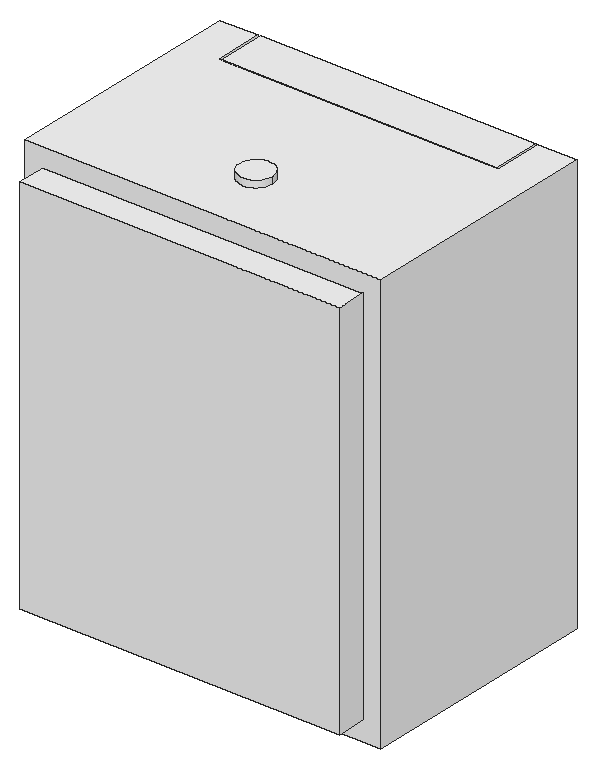
Revit family "Gira_015231", category Electrical Fixtures, host Wall, Revit 2017
Family settings
  Host = Wall
  Maintain Annotation Orientation = No
  Round Connector Dimension = Use Diameter
  Part Type = Normal
  OmniClass Number = 23.80.00.00
  OmniClass Title = Electric Power and Lighting
  Always vertical = Yes
  Cut with Voids When Loaded = No
  Shared = No
  Room Calculation Point = No
Parameters (values of type "Rocker btn NO con. s.sig. in.sp. WD surface-mounted grey")
  With mounting plate = no
  With lighting = no
  Wiring system = ""
  White = White
  Washing machine switch = no
  URL = "https://www.gira.de/"
  Type of lighting = ""
  Type of fastening = ""
  Type Comments = ""
  Transparent = no
  Surface protection = "Sonstige (*de-DE)"
  Suitable for degree of protection (IP) = "IP66"
  Rated current [Ampere] = 10
  Push button switch = no
  Number of rockers = 1
  Number of modules (module system) = 0
  Nominal voltage [Volt] Number = 250
  Model = "Single push button"
  Method of operation = "Rocker"
  Material quality = "Sonstige (*de-DE)"
  Material = "Sonstige (*de-DE)"
  Manufacturer = "Gira"
  Label space/information surface YesNo = no
  Label space/information surface = ""
  Keynote = ""
  Imprint = "ohne (*de-DE)"
  Illumination = ""
  HeinzeBIM = "https://www.heinze.de/bim/rocker-btn-no-con-s-sig-in-sp-wd-surface-mounted-grey/a86cca7390be7d94506371fe1f2a3901298d9343"
  Halogen free = no
  HAN = "015231"
  GTIN = "4010337152316"
  Function lighting = ""
  Feedback-signal contact = yes
  Description = "Rock.btn NO con.s.sig.in.sp. WT SM GY Rocker Button 10 AX 250 V~ with inscription space NO contact, 1-pole with sep. signal contact grey Notes : - Can also be connected with illumination."
  Cost = 0
  Contacts = "1 make contact (NO)"
  Connection type = ""
  Colour = "Grey"
  BIMSITE_PRODUCT_ID = "a86cca7390be7d94506371fe1f2a3901298d9343"
  BIM = "https://media.live.bim.site/t/eyJhbGciOiJIUzI1NiIsInR5cCI6IkpXVCJ9.eyJjdCI6MSwidGYiOiJwdWJsaWMvZ2lyYS8wOWY1ZGI1L0lQNDRfS29tcGxldHRnZXLDpHRfU2NoYWx0ZW4gdW5kIFRhc3Rlbi5yZmEiLCJjaWQiOiJmZWQ5OGU5YS0xYmQ4LTRjNjgtYTczYi03NGE5NGUzMTU4MjMiLCJyaWQiOiJiNzc1OTE0NzlmODk4ZTc1ZmY4NmYxYzJjMjMzYzFkZCIsInBpZCI6ImE4NmNjYTczOTBiZTdkOTQ1MDYzNzFmZTFmMmEzOTAxMjk4ZDkzNDMiLCJzaWQiOiI2MzQ3MCIsInV0Ijo1LCJsYyI6ImVuIiwiaWF0IjoxNjA3NTI0NjkxLCJpc3MiOiJodHRwczovL2FwaS5saXZlLmJpbS5zaXRlIiwic3ViIjoiOGQzYWE1Y2ItZTA2Ni00NTk4LWJlMTYtNmUxNmVlNzQ5NTZhIn0.AGFVCCbMHC_KLRYE3J6RdCAYgHxqZRM-IBF4VCmju3M/IP44_Komplettgerät_Schalten und Tasten.rfa"
  Assembly arrangement = "Basic element with complete housing"
  Assembly Code = ""
Reference planes
  plane 1: y = 0
  plane 2 "Center (Left/Right)": x = 125
  plane 3 "Back": y = 75
Forms (mm)
  Extrusion 1, solid, material "White" <- "White", detail levels fine
    sketch origin (0, 75, 0) x (1, 0, 0) y (0, 0, 1)
      loop
        line (154.5, 90) -> (95.5, 90) -> (95.5, 85.5) -> (154.5, 85.5) -> (154.5, 90)
    from -52.3 to -41.9
  Extrusion 2, solid, material "White" <- "White", detail levels fine
    sketch origin (0, 75, 0) x (1, 0, 0) y (0, 0, 1)
      loop
        line (154.5, 72) -> (154.5, 85) -> (95.5, 85) -> (95.5, 72) -> (154.5, 72)
    from -52.3 to -41.9
  Extrusion 3, solid, material "White" <- "White", detail levels medium+fine
    sketch origin (0, 75, 0) x (1, 0, 0) y (0, 0, 1)
      loop
        line (159.2, 86) -> (90.8, 86) -> (90.8, 4) -> (159.2, 4) -> (159.2, 86)
    from 0 to 6.2
  Extrusion 4, solid, material "White" <- "White", detail levels fine
    sketch origin (0, 75, 0) x (1, 0, 0) y (0, 0, 1)
      loop
        line (163.2, 90) -> (86.8, 90) -> (86.8, 0) -> (163.2, 0) -> (163.2, 90)
    from 0 to -52.3
  Extrusion 5, void
    sketch origin (0, 75, 0) x (1, 0, 0) y (0, 0, 1)
      loop
        line (95, 90.5) -> (95, 8.6) -> (155, 8.6) -> (155, 90.5) -> (95, 90.5)
    from -41.9 to -57.5
  Extrusion 6, solid, material "White" <- "White", detail levels medium
    sketch origin (0, 75, 0) x (1, 0, 0) y (0, 0, 1)
      loop
        line (154.5, 90) -> (95.5, 90) -> (95.5, 9.1) -> (154.5, 9.1) -> (154.5, 90)
    from -52.3 to -41.9
  Extrusion 7, solid, material "White" <- "White", detail levels coarse
    sketch origin (0, 75, 0) x (1, 0, 0) y (0, 0, 1)
      loop
        line (163.2, 91.4) -> (86.8, 91.4) -> (86.8, 0) -> (163.2, 0) -> (163.2, 91.4)
    from 6.2 to -52.3
  Extrusion 8, solid, material "White" <- "White", detail levels medium+fine
    sketch origin (163.2, 75, 90) x (-1, 0, 0) y (0, -1, 0)
      loop
        circle (38.2, -14.2) r 3.55
    from 0 to 1.4
  Extrusion 9, solid, material "White" <- "White", detail levels medium
    sketch origin (0, 75, 0) x (1, 0, 0) y (0, 0, 1)
      loop
        line (163.2, 90) -> (86.8, 90) -> (86.8, 0) -> (163.2, 0) -> (163.2, 90)
    from 0 to -52.3
  Extrusion 10, solid, material "White" <- "White", detail levels fine
    sketch origin (0, 75, 0) x (1, 0, 0) y (0, 0, 1)
      loop
        line (128.7, 43.6) -> (121.3, 43.6)
        arc (121.3, 43.6) -> (119, 41.3) -> (121.3, 39) r 2.3
        line (121.3, 39) -> (128.7, 39)
        arc (128.7, 39) -> (131, 41.3) -> (128.7, 43.6) r 2.3
    from -41.9 to -51.167
Cuts and joins
  Extrusion 5 cuts Extrusion 4
Text (mm)
  text "Placement side" at (-1867.185, 1116.779, 0), in view "Ref. Level"
  text "Placement side" at (0, 1270.507, 3001.832), in view "Left"
  text "Placement side" at (0, 530.812, 2999.686), in view "Right"
Dimensions and locks
  locked: plane 3 "Back" to host wall
  cut or joined group of Extrusion 4, Extrusion 5 to Extrusion 8 sketch curve = 14.2 mm
  aligned and locked: plane 1 to host wall
  aligned and locked: Extrusion 8 to Extrusion 6
  aligned and locked: cut or joined group of Extrusion 4, Extrusion 5 to nested 1
  aligned and locked: Extrusion 6 to nested 1
  aligned and locked: plane 3 "Back" to nested 2
Nested families
  nested 1: "Family5" at (125, 116.9, 9.1), type "Family5", detail levels fine
  nested 2: "1040099" at (125, 75, 0), type "1040099"
Connectors
  electrical at (125, 68.8, 45)
    settings: on Extrusion 3, index 1, voltage 220 V, apparent load 0 VA, apparent load phase1 0 VA, apparent load phase2 0 VA, apparent load phase3 0 VA, power factor 1, load classification "Other", number of poles 1, system type 31, power factor state 1, is connector primary yes, connector utility no, sub classification motor no, connector description ""
Definition of nested family "Family5"
  Parameters
    white = none
  Reference planes
    plane 1 "Center (Front/Back)": y = 0
    plane 2: z = 0
    plane 3 "Center (Left/Right)": x = 0
    plane 4: z = 63
    plane 5: y = 10
    plane 6: x = 29.5
    plane 7: x = -29.5
  Forms (mm)
    Extrusion 1, solid, material <- "white"
      sketch origin (0, 0, 0) x (0, 1, 0) y (0, 0, 1)
        loop
          line (0, 63) -> (0, 0) -> (10, 1.763) -> (5.815, 61.617) -> (0, 63)
      from -29.5 to 29.5
  Dimensions and locks
    aligned and locked: level to plane 2
Definition of nested family "1040099"
  Reference planes
    plane 1: y = 0
    plane 2: x = 0
